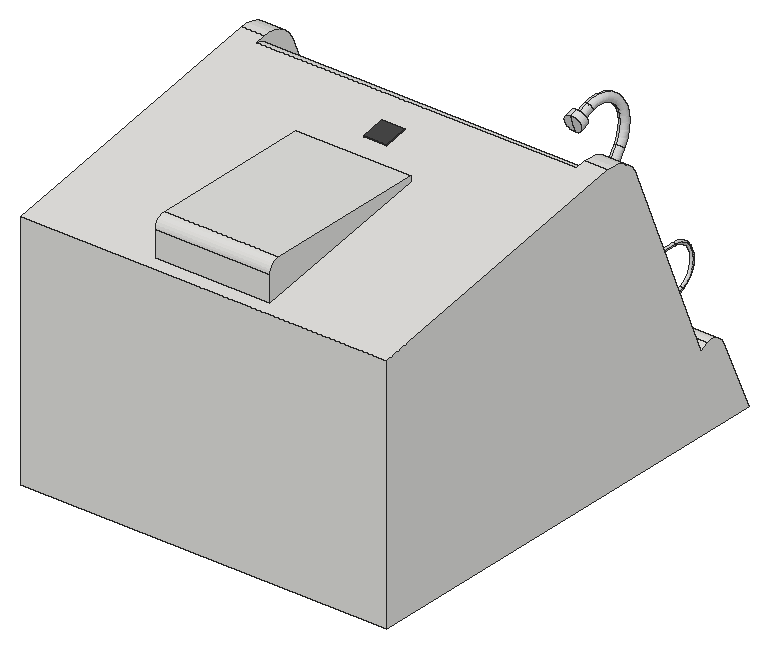
Revit family "Plumbing-Sink-Sloan-Valve-ESS-3100", category Plumbing Fixtures, host Face, Revit 2019
Family settings
  Host = Face
  Round Connector Dimension = Use Diameter
  Part Type = Normal
  OmniClass Number = 23.45.05.14.14
  OmniClass Title = Sinks/Lavatories
  Cut with Voids When Loaded = No
  Shared = No
  Room Calculation Point = No
Parameters (values of type "ESS-3100")
  z_C = no
  Width = 32.00"  # constant formula
  Water Flow = 2.2 GPM
  Waste Connection = yes
  WFU = 3
  Voltage = 110 V
  Vent Connection = no
  Valve Pressure Drop = 0.0 Pa
  URL = "www.sloanvalve.com"
  Sanitary Drain Connection Diameter = 1.50"
  Product data url = "https://bimobject.com/sloan_valve/product/sinks_stainless-steel_ess-3100"
  Product Material = Sloan Valve - Finish - Stainless Steel
  Product Guid = ""
  Power Factor = 0.8
  Part Number = ""
  Number of Poles = 3
  Model = "ESS-3100"
  Manufacturer = "Sloan Valve"  # constant formula
  Keynote = "10000"
  Hot Water Connection Diameter = 0.50"
  Height = 39.50"  # constant formula
  HWFU = 3
  HW Connection = yes
  z_Elevation [instance] = 25.00"  # constant formula
  Frequency = 60 Hz
  Edition number = 1
  Description = "Stainless Steel 1-Station Wall-Mounted Deluxe Scrub Sink."
  Depth = 25.31"  # constant formula
  Default Elevation = 0.00"  # constant formula
  Current = 15 A
  Cold Water Connection Diameter = 0.50"
  CWFU = 3
  CW Connection = yes
  Assembly Code = "D2010400"
  Apparent Load = (Voltage * Current) / (Power Factor * Number of Poles)  # 687.5 VA
  ADA Compliant = 1 = 1  # yes
Reference planes (in)
  plane 1 "Center (Front/Back)": y = 0
  plane 2: z = 0
  plane 3 "Center (Left/Right)": x = 0
  plane 4: x = -16
  plane 5: x = 16
  plane 6: z = 25.31
  plane 7: x = -10
  plane 8: y = -31.25
  plane 9: y = -39.5
  plane 10: y = -56.25
  plane 11: z = 5.26918
  plane 12: y = -15.24713
Forms (in)
  Extrusion 1, solid, not visible
    sketch origin (0, 1, 0) x (1, 0, 0) y (0, 1, 0)
      loop
        circle (-6, -32.25) r 0.25
      loop
        circle (-9, -32.25) r 0.25
      loop
        circle (0, -32.25) r 0.75
      loop
        line (6.75, -30.25) -> (6.75, -34.25) -> (9.25, -34.25) -> (9.25, -30.25) -> (6.75, -30.25)
    from 0 to 0.50971
Dimensions and locks (in)
  "Depth": plane 6 to plane 2
  locked: plane 8 to plane 1 "Center (Front/Back)" at 31.25
  locked: plane 9 to plane 1 "Center (Front/Back)" at 39.5
  "z_Elevation": plane 8 to plane 10
  aligned and locked: plane 2 to host face
  aligned and locked: level to host face
  aligned and locked: plane 3 "Center (Left/Right)" to nested 1
Automatic sketch dimensions
  host sketch curve to host sketch curve = 94.75"
  host sketch curve to host sketch curve = 76.29275"
  Extrusion 1 sketch curve to Extrusion 1 sketch curve = 4.00"
  Extrusion 1 sketch curve to Extrusion 1 sketch curve = 2.50"
  Extrusion 1 sketch curve to Extrusion 1 sketch curve = 3.00"
  Extrusion 1 sketch curve to plane 3 "Center (Left/Right)" = 0.00"
  plane 7 to Extrusion 1 sketch curve = 4.00"
  Extrusion 1 sketch curve to Extrusion 1 sketch curve = 2.00"
  Extrusion 1 sketch curve to Extrusion 1 sketch curve = 0.00"  (x2)
  Extrusion 1 sketch curve to plane 8 = 0.00"
  plane 3 "Center (Left/Right)" to Extrusion 1 sketch curve = 6.75"
  radius of Extrusion 1 sketch curve = 0.25"  (x2)
  radius of Extrusion 1 sketch curve = 0.75"
Nested families (in)
  nested 1: "Geometry" at (0, -15.25, 0), type "Geometry"
Connectors (in)
  piping at (-6, -31.25, 0), diameter 0.5, driven by "Cold Water Connection Diameter", driven by "Water Flow"
    settings: on Extrusion 1, index 3, connector inside diameter 24.00", connector length 0.00", flow factor 0, pipe flow 2.2 GPM, pressure drop 0.0 Pa, fitting loss kfactor 0, connector angle 0.00°, fixture units 1.5, engagement length 0.00", angle of deflection 0.00°, flow configuration 1, flow direction 1, fitting loss method 0, system type 20, joint type 0, gender type 0, connector reference index -1, connector utility 0, adjustable connector no, is connector primary yes, connector description "Cold Water Connection"
  piping at (-9, -31.25, 0), diameter 0.5, driven by "Hot Water Connection Diameter", driven by "Water Flow"
    settings: on Extrusion 1, index 4, connector inside diameter 24.00", connector length 0.00", flow factor 0, pipe flow 2.2 GPM, pressure drop 0.0 Pa, fitting loss kfactor 0, connector angle 0.00°, fixture units 1.5, engagement length 0.00", angle of deflection 0.00°, flow configuration 1, flow direction 1, fitting loss method 0, system type 19, joint type 0, gender type 0, connector reference index -1, connector utility 0, adjustable connector no, is connector primary no, connector description "Hot Water Connection"
  piping at (0, -31.25, 0), diameter 1.5, driven by "Sanitary Drain Connection Diameter", driven by "WFU"
    settings: on Extrusion 1, index 5, connector inside diameter 24.00", connector length 0.00", flow factor 0, pipe flow 0.0 GPM, pressure drop 0.0 Pa, fitting loss kfactor 0, connector angle 0.00°, fixture units 3, engagement length 0.00", angle of deflection 0.00°, flow configuration 3, flow direction 2, fitting loss method 0, system type 16, joint type 0, gender type 0, connector reference index -1, connector utility 0, adjustable connector no, is connector primary no, connector description "Sanitary Drain Connection"
  electrical at (8, -31.25, 0), driven by "Number of Poles", driven by "Voltage", driven by "Apparent Load", driven by "Apparent Load", driven by "Apparent Load", driven by "Power Factor"
    settings: on Extrusion 1, index 6, voltage 110 V, apparent load 0 VA, apparent load phase1 687.5 VA, apparent load phase2 687.5 VA, apparent load phase3 687.5 VA, power factor 0.8, load classification "Other", number of poles 3, system type 31, power factor state 1, is connector primary yes, connector utility no, sub classification motor no, connector description "Power Connection"
Definition of nested family "Geometry"
  Parameters (values of type "Geometry")
    Product Material = none
    Plastic Material = none
    z_C = no
    URL = ""
    Symbolic Lines 2 = not(z_C)  # yes
    Symbolic Lines = z_C  # no
    Radius = if(z_C, 7.00" / 16, 3.00" / 4)  # 0.75"
    Model = ""
    Manufacturer = ""
    Faucet Material = none
    Description = ""
    Default Elevation = 41.00"
    Assembly Code = ""
  Reference planes (in)
    plane 1 "Center (Front/Back)": y = 0
    plane 2: z = 0
    plane 3 "Center (Left/Right)": x = 0
    plane 4: y = -41
    plane 5: y = -24.25
    plane 6: y = -13.625
    plane 7: y = 15.25
    plane 8: y = -16
    plane 9: x = -16
    plane 10: x = 16
    plane 11: y = -4.5
    plane 12: x = -6
    plane 13: x = -9
    plane 14: x = 8
    plane 15: y = -22.25
    plane 16: y = -12.25
    plane 17: x = 15
    plane 18: x = -15
    plane 19: x = -14
    plane 20: x = 14
    plane 21: through (0, 16.76501, 16.38512) normal (0, -0.3256, 0.9455)
    plane 22: through (0, 17.00923, 15.676) normal (0, -0.3256, 0.9455)
    plane 23: y = 16.11763
    plane 24: z = 25.3125
    plane 25: z = 5.26918
    plane 26: y = -11.07068
    plane 27: x = 1
  Forms (in)
    Extrusion 1, solid
      sketch origin (0, 0, 0) x (1, 0, 0) y (0, 1, 0)
        loop
          line (-48, 48) -> (-48, -48) -> (48, -48) -> (48, 48) -> (-48, 48)
      from 0 to -12
    Extrusion 2, solid, material <- "Product Material"
      sketch origin (-16, 0, 0) x (0, 1, 0) y (0, 0, 1)
        loop
          line (-24.25, 0) -> (15.25, 0) -> (12.42821, 6.33785)
          arc (12.42821, 6.33785) -> (11.73423, 6.99641) -> (10.77785, 6.97136) r 1.25
          line (10.77785, 6.97136) -> (10.02445, 6.63593) -> (3.11923, 23.35629)
          arc (3.11923, 23.35629) -> (1.88621, 24.90802) -> (-0.0625, 25.26953) r 2.82843
          line (-0.0625, 25.26953) -> (-24.25, 21.00462) -> (-24.25, 0)
      from 0 to 32
    Extrusion 3, void
      sketch origin (-14.5, 0, 0) x (0, 1, 0) y (0, 0, 1)
        loop
          line (10.02145, 6.64319) -> (3.11923, 23.35629)
          arc (3.11923, 23.35629) -> (1.88621, 24.90802) -> (-0.0625, 25.26953) r 2.82843
          line (-0.0625, 25.26953) -> (-0.93586, 25.11553)
          arc (-0.93586, 25.11553) -> (-0.03625, 24.46827) -> (-0.42579, 23.43072) r 0.91189
          line (-0.42579, 23.43072) -> (-8.32843, 18.75694) -> (-11.8164, 10.5398) -> (-11.8164, 5.0202)
          arc (-11.8164, 5.0202) -> (-11.56939, 4.42386) -> (-10.97305, 4.17685) r 0.84335
          line (-10.97305, 4.17685) -> (4.04941, 4.17685) -> (10.02145, 6.64319)
      from 0.5 to 28.5
    Extrusion 4, solid, material <- "Product Material"
      sketch origin (-0.32716, 0, 0) x (0, 1, 0) y (0, 0, 1)
        loop
          line (-7.90497, 24.38403) -> (-22.2363, 24.38403)
          arc (-22.2363, 24.38403) -> (-22.94341, 24.09114) -> (-23.2363, 23.38403) r 1
          line (-23.2363, 23.38403) -> (-23.2363, 20.78863) -> (-7.78139, 23.50473) -> (-7.90497, 24.38403)
      from -4.67284 to 5.32716
    Extrusion 5, solid, material <- "Product Material"
      sketch origin (0, 0, 0) x (1, 0, 0) y (0, 1, 0)
        loop
          circle (-9, -16) r 0.25
        loop
          circle (-6, -16) r 0.25
        loop
          circle (0, -16) r 0.75
        loop
          line (6.75, -14) -> (6.75, -18) -> (9.25, -18) -> (9.25, -14) -> (6.75, -14)
      from 0 to -0.0625
    Extrusion 6, solid, material <- "Plastic Material"
      sketch origin (0, -0.05317, 25.27117) x (1, 0, 0) y (0, 0.984808, 0.173648)
        loop
          line (-1, -3.5) -> (-1, -5.5) -> (1, -5.5) -> (1, -3.5) -> (-1, -3.5)
      from 0 to 0.0625
    Sweep 7, solid, material <- "Faucet Material"
      path origin (0, 13.7656, 3.33402) x (0, 0.913545, 0.406737) y (0, 0.406737, -0.913545)
        loop
          line (0, -2) -> (4.2271, -2)
          arc (4.2271, -2) -> (5.30648, -2.1517) -> (6.30224, -2.59504) r 3.91597
          line (6.30224, -2.59504) -> (10.41671, -5.16605)
          arc (10.41671, -5.16605) -> (11.72574, -8.36585) -> (9.10659, -10.62246) r 2.95861
          line (9.10659, -10.62246) -> (8.04952, -10.71488)
      profile origin (0, 14.88295, 6.02077) x (0, 0.406737, -0.913545) y (-1, 0, 0)
        loop
          circle (0, 0) r 0.375
    Revolve 8, solid, material <- "Faucet Material"
      sketch origin (0, 13.7656, 3.33402) x (0, 0.913545, 0.406737) y (0, 0.406737, -0.913545)
        loop
          line (0, -2) -> (1.5, -2) -> (1.5, -1.5) -> (1.46812, -1.46812) -> (0.71812, -1.46812) -> (0.25, -0.75) -> (0, -0.75) -> (0, -2)
        axis (1.5, -2) -> (0, -2)
      angle from 0 to 360
    Revolve 9, solid, material <- "Faucet Material"
      sketch origin (-0.00068, 11.83217, 5.62815) x (0, 0.913545, 0.406737) y (0, 0.406737, -0.913545)
        loop
          line (8.81631, -7.07347) -> (8.13421, -7.13311) -> (8.19954, -7.88026) -> (8.88163, -7.82062) -> (8.81631, -7.07347)
        axis (8.88163, -7.82062) -> (8.19954, -7.88026)
      angle from 0 to 360
    Sweep 10, solid, material <- "Faucet Material"
      path origin (-6, 0.1652, -0.34987) x (0, 0.999848, 0.017452) y (0, -0.017452, 0.999848)
        loop
          line (12.62902, 11.03979) -> (14.59777, 11.03979)
          arc (14.59777, 11.03979) -> (16.55762, 9.43852) -> (15.37924, 7.19878) r 2
          line (15.37924, 7.19878) -> (12.80505, 6.1061)
      profile origin (-6, 13.58386, 10.92582) x (0, -0.017452, 0.999848) y (1, 0, 0)
        loop
          circle (0, 16) r 0.125
    Revolve 11, solid, material <- "Faucet Material"
      sketch origin (10, 0.05669, -0.12732) x (0, 1, 0) y (0, 0, 1)
        loop
          line (12.57489, 6.0084) -> (12.77826, 5.55163) -> (13.00664, 5.65331) -> (12.80327, 6.11009) -> (12.57489, 6.0084)
        axis (12.80327, 6.11009) -> (12.57489, 6.0084)
      angle from 0 to 360
    Revolve 12, solid, material <- "Product Material"
      sketch origin (0, -11.82068, 8.64844) x (1, 0, 0) y (0, 1, 0)
        loop
          line (0, 0.6875) -> (0.21984, 0.6875) -> (0.64944, 0) -> (0.75, 0) -> (0.75, 0.03911) -> (0.6987, 0.03911) -> (0.25449, 0.75) -> (0, 0.75) -> (0, 0.6875)
        axis (0, 0.75) -> (0, 0)
      angle from 0 to 360
    Extrusion 13, void
      sketch origin (0, -11.82068, 8.64844) x (1, 0, 0) y (0, 0, -1)
        loop
          arc (-0.15734, 0) -> (-0.156, -0.02054) -> (-0.15198, -0.04072) r 0.15734
          line (-0.15198, -0.04072) -> (-0.06143, -0.01646)
          arc (-0.06143, -0.01646) -> (-0.06359, 0) -> (-0.06143, 0.01646) r 0.06359
          line (-0.06143, 0.01646) -> (-0.15198, 0.04072)
          arc (-0.15198, 0.04072) -> (-0.156, 0.02054) -> (-0.15734, 0) r 0.15734
        loop
          arc (0.15734, 0) -> (0.156, 0.02054) -> (0.15198, 0.04072) r 0.15734
          line (0.15198, 0.04072) -> (0.06143, 0.01646)
          arc (0.06143, 0.01646) -> (0.06359, 0) -> (0.06143, -0.01646) r 0.06359
          line (0.06143, -0.01646) -> (0.15198, -0.04072)
          arc (0.15198, -0.04072) -> (0.156, -0.02054) -> (0.15734, 0) r 0.15734
        loop
          arc (-0.01646, 0.06143) -> (0, 0.06359) -> (0.01646, 0.06143) r 0.06359
          line (0.01646, 0.06143) -> (0.04072, 0.15198)
          arc (0.04072, 0.15198) -> (0, 0.15734) -> (-0.04072, 0.15198) r 0.15734
          line (-0.04072, 0.15198) -> (-0.01646, 0.06143)
        loop
          line (-0.01646, -0.06143) -> (-0.04072, -0.15198)
          arc (-0.04072, -0.15198) -> (0, -0.15734) -> (0.04072, -0.15198) r 0.15734
          line (0.04072, -0.15198) -> (0.01646, -0.06143)
          arc (0.01646, -0.06143) -> (0, -0.06359) -> (-0.01646, -0.06143) r 0.06359
        loop
          circle (0, 0) r 0.03234
      from 0.6875 to 0.75
    Extrusion 14, void
      sketch origin (0, -11.82068, 8.64844) x (1, 0, 0) y (0, 0, -1)
        loop
          arc (-0.04419, 0.25062) -> (0, 0.25449) -> (0.04419, 0.25062) r 0.25449
          line (0.04419, 0.25062) -> (0.11277, 0.63957)
          arc (0.11277, 0.63957) -> (0, 0.64944) -> (-0.11277, 0.63957) r 0.64944
          line (-0.11277, 0.63957) -> (-0.04419, 0.25062)
        loop
          arc (0.14597, 0.20846) -> (0.17995, 0.17995) -> (0.20846, 0.14597) r 0.25449
          line (0.20846, 0.14597) -> (0.53199, 0.3725)
          arc (0.53199, 0.3725) -> (0.45922, 0.45922) -> (0.3725, 0.53199) r 0.64944
          line (0.3725, 0.53199) -> (0.14597, 0.20846)
        loop
          line (-0.25062, 0.04419) -> (-0.63957, 0.11277)
          arc (-0.63957, 0.11277) -> (-0.64944, 0) -> (-0.63957, -0.11277) r 0.64944
          line (-0.63957, -0.11277) -> (-0.25062, -0.04419)
          arc (-0.25062, -0.04419) -> (-0.25449, 0) -> (-0.25062, 0.04419) r 0.25449
        loop
          arc (0.25062, 0.04419) -> (0.25449, 0) -> (0.25062, -0.04419) r 0.25449
          line (0.25062, -0.04419) -> (0.63957, -0.11277)
          arc (0.63957, -0.11277) -> (0.64944, 0) -> (0.63957, 0.11277) r 0.64944
          line (0.63957, 0.11277) -> (0.25062, 0.04419)
        loop
          line (-0.14597, 0.20846) -> (-0.3725, 0.53199)
          arc (-0.3725, 0.53199) -> (-0.45922, 0.45922) -> (-0.53199, 0.3725) r 0.64944
          line (-0.53199, 0.3725) -> (-0.20846, 0.14597)
          arc (-0.20846, 0.14597) -> (-0.17995, 0.17995) -> (-0.14597, 0.20846) r 0.25449
        loop
          line (-0.04419, -0.25062) -> (-0.11277, -0.63957)
          arc (-0.11277, -0.63957) -> (0, -0.64944) -> (0.11277, -0.63957) r 0.64944
          line (0.11277, -0.63957) -> (0.04419, -0.25062)
          arc (0.04419, -0.25062) -> (0, -0.25449) -> (-0.04419, -0.25062) r 0.25449
        loop
          line (0.14597, -0.20846) -> (0.3725, -0.53199)
          arc (0.3725, -0.53199) -> (0.45922, -0.45922) -> (0.53199, -0.3725) r 0.64944
          line (0.53199, -0.3725) -> (0.20846, -0.14597)
          arc (0.20846, -0.14597) -> (0.17995, -0.17995) -> (0.14597, -0.20846) r 0.25449
        loop
          arc (-0.14597, -0.20846) -> (-0.17995, -0.17995) -> (-0.20846, -0.14597) r 0.25449
          line (-0.20846, -0.14597) -> (-0.53199, -0.3725)
          arc (-0.53199, -0.3725) -> (-0.45922, -0.45922) -> (-0.3725, -0.53199) r 0.64944
          line (-0.3725, -0.53199) -> (-0.14597, -0.20846)
      from 0 to 0.6875
  Cuts and joins
    Extrusion 3 cuts Extrusion 2
    joined: Extrusion 2, Extrusion 4
    Extrusion 13, Extrusion 14 cuts Revolve 12
  Lines and regions (in)
    Masking region 1
      outline origin (0, 0, 0) x (1, 0, 0) y (0, 0, 1)
        loop
          line (16, 0) -> (16, 25.3125) -> (14, 25.3125) -> (14, 25.11593) -> (-14, 25.11593) -> (-14, 25.3125) -> (-16, 25.3125) -> (-16, 0) -> (16, 0)
    symbolic lines, detail levels medium+fine
      curve 1: line (14, 0, 25.3125) -> (14, 0, 7.12193)
      curve 2: line (16, 0, 7.12193) -> (10.125, 0, 7.12193)
      curve 3: line (-14, 0, 7.12193) -> (-14, 0, 25.3125)
      curve 4: line (14, 0, 23.43072) -> (-14, 0, 23.43072)
      curve 6: arc (-0.375, 0, 6.46161) -> (0, 0, 4.01918) -> (0.375, 0, 6.46161) r 1.25
      curve 7: line (0.375, 0, 5.70666) -> (0.375, 0, 16.89471)
      curve 8: arc (0.375, 0, 5.70666) -> (-0.02612, 0, 5.3955) -> (-0.36975, 0, 5.76918) r 0.375
      curve 9: line (-0.375, 0, 16.89471) -> (-0.375, 0, 5.76918)
      curve 12: arc (0.375, 0, 16.89471) -> (0, 0, 17.26971) -> (-0.375, 0, 16.89471) r 0.375
      curve 13: spline (9.875, 0, 6.42503) -> (9.66502, 0, 6.32187) -> (9.5312, 0, 6.1416) -> (9.50399, 0, 5.92521) -> (9.58955, 0, 5.72191) -> (9.76845, 0, 5.57792) -> (10, 0, 5.52599) -> (10.23155, 0, 5.57792) -> (10.41045, 0, 5.72191) -> (10.49601, 0, 5.92521) -> (10.4688, 0, 6.1416) -> (10.33498, 0, 6.32187) -> (10.125, 0, 6.42503)
      curve 14: spline (10.125, 0, 5.97878) -> (10.12074, 0, 5.94922) -> (10.10825, 0, 5.92168) -> (10.08839, 0, 5.89803) -> (10.0625, 0, 5.87988) -> (10.03235, 0, 5.86848) -> (10, 0, 5.86458) -> (9.96765, 0, 5.86848) -> (9.9375, 0, 5.87988) -> (9.91161, 0, 5.89803) -> (9.89175, 0, 5.92168) -> (9.87926, 0, 5.94922) -> (9.875, 0, 5.97878)
      curve 15: spline (10.125, 0, 10.90864) -> (10.12074, 0, 10.94099) -> (10.10825, 0, 10.97113) -> (10.08839, 0, 10.99702) -> (10.0625, 0, 11.01688) -> (10.03235, 0, 11.02936) -> (10, 0, 11.03362) -> (9.96765, 0, 11.02936) -> (9.9375, 0, 11.01688) -> (9.91161, 0, 10.99702) -> (9.89175, 0, 10.97113) -> (9.87926, 0, 10.94099) -> (9.875, 0, 10.90864)
      curve 16: line (10.125, 0, 5.97878) -> (10.125, 0, 10.90864)
      curve 17: line (9.875, 0, 10.90864) -> (9.875, 0, 5.97878)
      curve 18: line (9.875, 0, 7.12193) -> (0.375, 0, 7.12193)
      curve 19: line (-16, 0, 7.12193) -> (-0.375, 0, 7.12193)
    symbolic lines, detail levels fine
      curve 5: line (14, 0, 10.5398) -> (10.125, 0, 10.5398)
      curve 20: line (9.875, 0, 10.5398) -> (0.375, 0, 10.5398)
      curve 21: line (-14, 0, 10.5398) -> (-0.375, 0, 10.5398)
      curve 22: arc (0.375, 0, 6.03661) -> (0, 0, 4.95081) -> (-0.375, 0, 6.03661) r 0.60765
      curve 23: circle (-10, 0, 5.26918) r 0.5 normal (0, -1, 0)
      curve 24: arc (-0.39294, 0, 9.28726) -> (-0.74999, 0, 8.65288) -> (-0.40047, 0, 8.01431) r 0.75
      curve 25: arc (0.39986, 0, 8.01392) -> (0.75, 0, 8.64754) -> (0.40137, 0, 9.282) r 0.75
      curve 26: line (14, 0, 18.75694) -> (-14, 0, 18.75694)
    symbolic lines, visible <- "Symbolic Lines", detail levels medium+fine
      curve 10: spline (-0.375, 0, 16.67022) -> (-0.4297, 0, 16.81278) -> (-0.43171, 0, 16.96538) -> (-0.38079, 0, 17.10932) -> (-0.28317, 0, 17.22694) -> (-0.15083, 0, 17.30383) -> (0, 0, 17.33055) -> (0.15083, 0, 17.30383) -> (0.28317, 0, 17.22694) -> (0.38079, 0, 17.10932) -> (0.43171, 0, 16.96538) -> (0.4297, 0, 16.81278) -> (0.375, 0, 16.67022)
    symbolic lines, visible <- "Symbolic Lines 2", detail levels medium+fine
      curve 11: spline (-0.375, 0, 16.22949) -> (-0.61436, 0, 16.44854) -> (-0.73861, 0, 16.7481) -> (-0.72444, 0, 17.07203) -> (-0.57453, 0, 17.35964) -> (-0.31696, 0, 17.55702) -> (0, 0, 17.6272) -> (0.31696, 0, 17.55702) -> (0.57453, 0, 17.35964) -> (0.72444, 0, 17.07203) -> (0.73861, 0, 16.7481) -> (0.61436, 0, 16.44854) -> (0.375, 0, 16.22949)
  Dimensions and locks (in)
    plane 9 to plane 10 = 32.00"
    plane 4 to plane 5 = 16.75"
    plane 4 to plane 7 = 56.25"
    plane 4 to plane 1 "Center (Front/Back)" = 41.00"
    plane 11 to plane 4 = 36.50"
    plane 1 "Center (Front/Back)" to plane 11 = 4.50"
    plane 13 to plane 12 = 3.00"
    plane 12 to plane 3 "Center (Left/Right)" = 6.00"
    plane 5 to plane 15 = 2.00"
    cut or joined group of Extrusion 2, Extrusion 3, Extrusion 4 to plane 18 = 1.00"
    plane 17 to cut or joined group of Extrusion 2, Extrusion 3, Extrusion 4 = 1.00"
    plane 15 to plane 16 = 10.00"
    locked: Revolve 9 sketch curve to Revolve 9 sketch curve at 0.6847
    "Radius": plane 21 to plane 22
    plane 24 to plane 2 = 25.3125"
    curve 24 to plane 2 = 8.64844"
    aligned and locked: plane 2 to Extrusion 1
    aligned and locked: level to Extrusion 1
    aligned and locked: Revolve 9 sketch curve to plane 21
    aligned and locked: Revolve 9 sketch curve to plane 22
    aligned and locked: plane 23 to Revolve 9 sketch curve
  Automatic sketch dimensions
    Extrusion 1 sketch curve to Extrusion 1 sketch curve = 96.00"  (x2)
    Extrusion 2 sketch curve to level = 0.00"
    Extrusion 2 sketch curve to plane 5 = 0.00"
    Extrusion 2 sketch curve to plane 7 = 0.00"
    plane 1 "Center (Front/Back)" to Extrusion 2 sketch curve = 0.0625"
    Extrusion 2 sketch curve to plane 1 "Center (Front/Back)" = 0.42865"
    Extrusion 2 sketch curve to Extrusion 2 sketch curve = 2.69058"
    plane 7 to Extrusion 2 sketch curve = 5.22555"
    Extrusion 2 sketch curve to Extrusion 2 sketch curve = 0.75341"
    Extrusion 2 sketch curve to Extrusion 2 sketch curve = 0.50842"  (x2)
    Extrusion 2 sketch curve to Extrusion 2 sketch curve = 1.14193"
    level to Extrusion 2 sketch curve = 5.82943"
    Extrusion 2 sketch curve to Extrusion 2 sketch curve = 0.33544"
    Extrusion 2 sketch curve to Extrusion 2 sketch curve = 21.00462"
    Extrusion 2 sketch curve to Extrusion 2 sketch curve = 15.84815"
    Extrusion 2 sketch curve to Extrusion 2 sketch curve = 0.87222"
    Extrusion 3 sketch curve to plane 16 = 0.4336"
    Extrusion 3 sketch curve to Extrusion 3 sketch curve = 0.84335"
    Extrusion 3 sketch curve to plane 11 = 3.82843"
    plane 1 "Center (Front/Back)" to Extrusion 3 sketch curve = 0.93586"
    plane 1 "Center (Front/Back)" to Extrusion 3 sketch curve = 0.90902"
    plane 1 "Center (Front/Back)" to Extrusion 3 sketch curve = 0.42579"
    plane 1 "Center (Front/Back)" to Extrusion 3 sketch curve = 0.0625"
    Extrusion 3 sketch curve to plane 1 "Center (Front/Back)" = 0.42865"
    Extrusion 3 sketch curve to Extrusion 3 sketch curve = 2.69058"
    Extrusion 3 sketch curve to plane 1 "Center (Front/Back)" = 4.04941"
    plane 7 to Extrusion 3 sketch curve = 5.22855"
    level to Extrusion 3 sketch curve = 4.17685"
    Extrusion 3 sketch curve to Extrusion 3 sketch curve = 2.46634"
    Extrusion 3 sketch curve to Extrusion 3 sketch curve = 5.5196"
    Extrusion 3 sketch curve to Extrusion 3 sketch curve = 8.21714"
    Extrusion 3 sketch curve to Extrusion 3 sketch curve = 0.87222"
    Extrusion 3 sketch curve to Extrusion 3 sketch curve = 0.94664"
    Extrusion 3 sketch curve to Extrusion 3 sketch curve = 0.77332"
    plane 15 to Extrusion 4 sketch curve = 0.9863"
    Extrusion 4 sketch curve to plane 15 = 0.0137"
    Extrusion 4 sketch curve to plane 11 = 3.40497"
    Extrusion 4 sketch curve to Extrusion 4 sketch curve = 0.12358"
    level to Extrusion 4 sketch curve = 20.78863"
    Extrusion 4 sketch curve to Extrusion 4 sketch curve = 2.5954"
    Extrusion 4 sketch curve to Extrusion 4 sketch curve = 0.8793"
    plane 8 to Extrusion 5 sketch curve = 0.00"  (x3)
    Extrusion 5 sketch curve to plane 13 = 0.00"
    Extrusion 5 sketch curve to plane 12 = 0.00"
    Extrusion 5 sketch curve to plane 3 "Center (Left/Right)" = 0.00"
    plane 6 to Extrusion 5 sketch curve = 0.375"
    Extrusion 5 sketch curve to plane 14 = 1.25"
    plane 14 to Extrusion 5 sketch curve = 1.25"
    plane 8 to Extrusion 5 sketch curve = 2.00"
    Extrusion 6 sketch curve to plane 3 "Center (Left/Right)" = 1.00"
    plane 3 "Center (Left/Right)" to Extrusion 6 sketch curve = 1.00"
    Extrusion 6 sketch curve to Extrusion 6 sketch curve = 2.00"
    Masking region 1 sketch curve to level = 0.00"
    plane 9 to Masking region 1 sketch curve = 0.00"
    Masking region 1 sketch curve to plane 19 = 0.00"
    plane 20 to Masking region 1 sketch curve = 0.00"
    Masking region 1 sketch curve to plane 10 = 0.00"
    level to Masking region 1 sketch curve = 25.11593"
    Masking region 1 sketch curve to Masking region 1 sketch curve = 0.19657"  (x2)
    plane 7 to Sweep 7 sketch curve = 2.29788"
    level to Sweep 7 sketch curve = 5.16111"
    Sweep 7 sketch curve to Sweep 7 sketch curve = 4.2271"
    Sweep 7 sketch curve to Sweep 7 sketch curve = 2.07515"
    Sweep 7 sketch curve to Sweep 7 sketch curve = 3.82242"
    Sweep 7 sketch curve to Sweep 7 sketch curve = 0.79937"
    Sweep 7 sketch curve to Sweep 7 sketch curve = 1.05707"
    Sweep 7 sketch curve to Sweep 7 sketch curve = 1.56783"
    Sweep 7 sketch curve to Sweep 7 sketch curve = 0.59504"
    Sweep 7 sketch curve to Sweep 7 sketch curve = 2.57101"
    Sweep 7 sketch curve to Sweep 7 sketch curve = 2.50905"
    Sweep 7 sketch curve to Sweep 7 sketch curve = 0.09242"
    profile plane to Sweep 7 sketch curve = 0.00"
    Sweep 7 sketch curve to profile plane = 0.00"
    plane 7 to Revolve 8 sketch curve = 1.78946"
    level to Revolve 8 sketch curve = 4.01918"
    Revolve 8 sketch curve to Revolve 8 sketch curve = 0.25"  (x2)
    Revolve 8 sketch curve to Revolve 8 sketch curve = 0.46812"
    Revolve 8 sketch curve to Revolve 8 sketch curve = 0.088"
    Revolve 8 sketch curve to Revolve 8 sketch curve = 0.44387"
    Revolve 8 sketch curve to Revolve 8 sketch curve = 0.21812"
    Revolve 8 sketch curve to Revolve 8 sketch curve = 0.71812"
    Revolve 8 sketch curve to Revolve 8 sketch curve = 0.03188"
    Revolve 8 sketch curve to Revolve 8 sketch curve = 0.50"
    Revolve 8 sketch curve to Revolve 8 sketch curve = 0.53188"
    Revolve 9 sketch curve to plane 21 = 0.00"  (x2)
    Revolve 9 sketch curve to Revolve 9 sketch curve = 0.22717"
    Revolve 9 sketch curve to Revolve 9 sketch curve = 0.09395"
    plane 7 to Sweep 10 sketch curve = 2.65037"
    level to Sweep 10 sketch curve = 10.90864"
    Sweep 10 sketch curve to Sweep 10 sketch curve = 0.17602"
    Sweep 10 sketch curve to Sweep 10 sketch curve = 1.96875"
    Sweep 10 sketch curve to Sweep 10 sketch curve = 0.78146"
    Sweep 10 sketch curve to Sweep 10 sketch curve = 2.00"
    Sweep 10 sketch curve to Sweep 10 sketch curve = 1.09268"
    Sweep 10 sketch curve to profile plane = 0.00"
    profile plane to Sweep 10 sketch curve = 16.00"
    plane 7 to Revolve 11 sketch curve = 2.61843"
    Revolve 11 sketch curve to Revolve 11 sketch curve = 0.06668"
    Revolve 11 sketch curve to Revolve 11 sketch curve = 0.12798"
    Revolve 11 sketch curve to Revolve 11 sketch curve = 0.20337"
    Revolve 11 sketch curve to Revolve 11 sketch curve = 0.03372"
    level to Revolve 11 sketch curve = 5.42431"
    Revolve 11 sketch curve to Revolve 11 sketch curve = 0.10168"
    Revolve 11 sketch curve to Revolve 11 sketch curve = 0.02969"
    Revolve 11 sketch curve to Revolve 11 sketch curve = 0.01501"
    curve 10 to plane 3 "Center (Left/Right)" = 0.00"
    curve 12 to plane 3 "Center (Left/Right)" = 0.00"
    curve 11 to plane 3 "Center (Left/Right)" = 0.00"
    curve 6 to plane 3 "Center (Left/Right)" = 0.00"
    curve 8 to plane 3 "Center (Left/Right)" = 0.36975"
    curve 12 to plane 3 "Center (Left/Right)" = 0.375"
    curve 10 to curve 12 = 0.0625"
    curve 11 to curve 10 = 0.3125"
    plane 3 "Center (Left/Right)" to curve 8 = 0.00525"
    level to curve 6 = 5.26918"
    curve 6 to curve 8 = 0.43748"
    curve 9 to curve 8 = 0.00"
    curve 9 to curve 6 = 0.69242"
    curve 6 to curve 11 = 9.76788"
    curve 11 to curve 10 = 0.44073"
    curve 10 to curve 11 = 0.20795"
    curve 10 to curve 10 = 0.22449"
    curve 10 to curve 7 = 0.22449"
    plane 9 to curve 19 = 0.00"
    curve 3 to plane 19 = 0.00"
    curve 23 to plane 25 = 0.00"
    curve 22 to plane 3 "Center (Left/Right)" = 0.00"
    plane 20 to curve 4 = 0.00"
    curve 2 to plane 10 = 0.00"
    curve 1 to plane 24 = 0.00"
    curve 3 to plane 24 = 0.00"
    curve 23 to plane 13 = 1.00"
    plane 3 "Center (Left/Right)" to curve 24 = 0.00"
    curve 17 to plane 25 = 0.7096"
    plane 20 to curve 17 = 4.125"
    curve 17 to curve 16 = 0.25"
    curve 22 to plane 25 = 0.28929"
    curve 14 to curve 16 = 4.92986"
    curve 19 to plane 3 "Center (Left/Right)" = 0.375"
    curve 21 to plane 3 "Center (Left/Right)" = 0.375"
    curve 22 to plane 3 "Center (Left/Right)" = 0.375"
    plane 3 "Center (Left/Right)" to curve 22 = 0.375"
    plane 3 "Center (Left/Right)" to curve 20 = 0.375"
    plane 3 "Center (Left/Right)" to curve 18 = 0.375"
    curve 13 to curve 14 = 0.00"
    curve 16 to curve 13 = 0.375"
    curve 14 to curve 13 = 0.00399"
    curve 22 to curve 22 = 0.47814"
    curve 14 to curve 13 = 0.44625"
    curve 1 to plane 25 = 1.85275"
    curve 22 to curve 18 = 1.08532"
    curve 3 to plane 25 = 1.85275"
    curve 19 to curve 21 = 3.41787"
    curve 20 to curve 21 = 0.00"
    curve 5 to curve 20 = 0.00"
    curve 4 to curve 1 = 1.88178"
    curve 24 to plane 3 "Center (Left/Right)" = 0.39294"
    curve 24 to curve 25 = 0.00"  (x2)
    plane 3 "Center (Left/Right)" to curve 25 = 0.40137"
    curve 24 to plane 3 "Center (Left/Right)" = 0.40047"
    plane 3 "Center (Left/Right)" to curve 25 = 0.39986"
    curve 25 to curve 24 = 0.63452"
    plane 26 to Revolve 12 sketch curve = 0.00"
    plane 26 to Revolve 12 sketch curve = 0.0625"
    Revolve 12 sketch curve to plane 10 = 16.00"
    Revolve 12 sketch curve to Revolve 12 sketch curve = 0.21984"
    Revolve 12 sketch curve to Revolve 12 sketch curve = 0.03464"
    Revolve 12 sketch curve to plane 8 = 4.17932"
    Revolve 12 sketch curve to Revolve 12 sketch curve = 0.4296"
    Revolve 12 sketch curve to plane 8 = 4.21843"
    Revolve 12 sketch curve to Revolve 12 sketch curve = 0.04926"
    Revolve 12 sketch curve to Revolve 12 sketch curve = 0.0513"
    Revolve 12 sketch curve to Revolve 12 sketch curve = 0.64944"
    Revolve 12 sketch curve to plane 8 = 3.74631"
    Revolve 12 sketch curve to Revolve 12 sketch curve = 0.25"
    Extrusion 13 sketch curve to Extrusion 13 sketch curve = 0.00"  (x111)
    Extrusion 13 sketch curve to plane 25 = 3.33853"  (x2)
    Extrusion 13 sketch curve to plane 10 = 16.15198"
    Extrusion 13 sketch curve to plane 25 = 3.41998"  (x2)
    Extrusion 13 sketch curve to plane 25 = 3.39571"  (x2)
    Extrusion 13 sketch curve to Extrusion 13 sketch curve = 0.09056"  (x2)
    Extrusion 13 sketch curve to plane 25 = 3.3628"  (x2)
    Extrusion 13 sketch curve to plane 25 = 3.53124"  (x2)
    Extrusion 13 sketch curve to Extrusion 13 sketch curve = 0.0207"  (x2)
    Extrusion 13 sketch curve to plane 25 = 3.22727"  (x2)
    Extrusion 13 sketch curve to plane 25 = 3.31783"  (x2)
    Extrusion 13 sketch curve to Extrusion 13 sketch curve = 0.04497"  (x3)
    Extrusion 13 sketch curve to plane 25 = 3.44068"  (x2)
    Extrusion 13 sketch curve to Extrusion 13 sketch curve = 0.06143"
    Extrusion 14 sketch curve to Extrusion 14 sketch curve = 0.00"  (x244)
    Extrusion 14 sketch curve to plane 27 = 1.63957"
    Extrusion 14 sketch curve to Extrusion 14 sketch curve = 0.10758"  (x6)
    Extrusion 14 sketch curve to Extrusion 14 sketch curve = 0.15949"  (x5)
    Extrusion 14 sketch curve to Extrusion 14 sketch curve = 0.38895"
    Extrusion 14 sketch curve to Extrusion 14 sketch curve = 0.04216"  (x6)
    Extrusion 14 sketch curve to Extrusion 14 sketch curve = 0.0625"  (x4)
    Extrusion 14 sketch curve to Extrusion 14 sketch curve = 0.25973"  (x8)
    Extrusion 14 sketch curve to Extrusion 14 sketch curve = 0.10178"  (x8)
    Extrusion 14 sketch curve to Extrusion 14 sketch curve = 0.14597"
    Extrusion 14 sketch curve to Extrusion 14 sketch curve = 0.08838"  (x2)
    Extrusion 14 sketch curve to Extrusion 14 sketch curve = 0.22555"  (x2)
    Extrusion 14 sketch curve to plane 25 = 4.01883"
    Extrusion 14 sketch curve to Extrusion 14 sketch curve = 0.25062"
    curve 26 to curve 4 = 4.67378"
    radius of Extrusion 5 sketch curve = 0.25"  (x2)
    radius of Extrusion 5 sketch curve = 0.75"
    radius of Sweep 7 sketch curve = 0.375"
    radius of Sweep 10 sketch curve = 0.125"
    radius of curve 23 = 0.50"
    radius of curve 24 = 0.75"
    radius of Extrusion 13 sketch curve = 0.03234"
